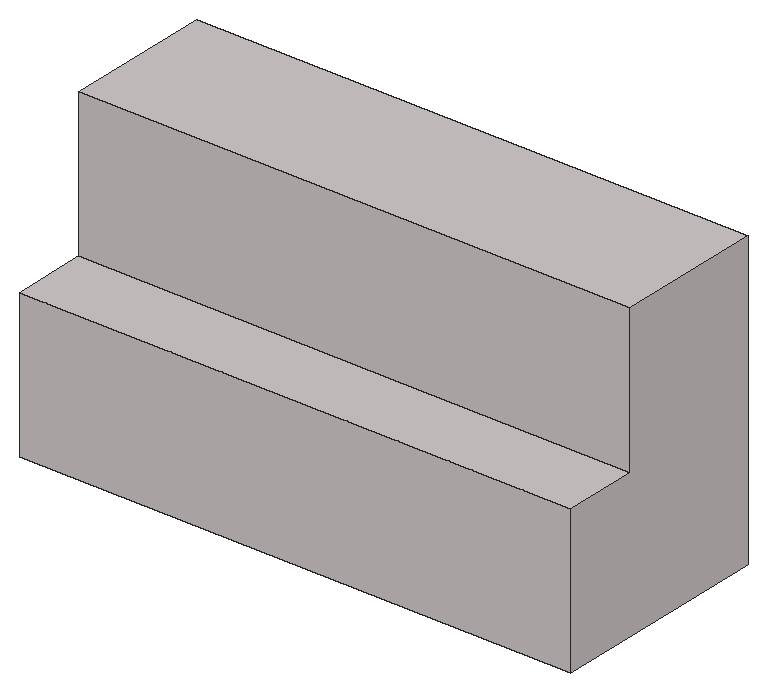
Revit family "STC_A3-Beam-Precast-L-Shaped-(M)", category Structural Framing, Revit 2016
Family settings
  Display in Hidden Views = Edges Hidden by Other Members
  Section Shape = Not Defined
  Material for Model Behavior = Precast Concrete
  Always export as geometry = No
  Always vertical = Yes
  Cut with Voids When Loaded = No
  Symbolic Representation = From Family
  Shared = No
  Show family pre-cut in plan views = Yes
Parameters (values of type "450 LB 600 Beams")
  Structural Material [instance] = Concrete - Precast Concrete - 35 MPa
  Start Extension Calculation [instance] = 3012.5 mm + Start Extension  # 3000 mm
  Start Extension [instance] = -12.5 mm
  Seat = 150 mm
  End Extension Calculation [instance] = 3012.5 mm + End Extension  # 3000 mm
  End Extension [instance] = -12.5 mm
  Assembly Code = ""
  Length [instance] = 1524 mm
  b = 450 mm
  h = 600 mm
  h1 = 300 mm
  Angle [instance] = 0.00°
Types (4, lengths in mm): name | h | h1
  (no name) | 600 | 300
  450 LB 500 Beams | 500 | 300
  450 LB 600 Beams | 600 | 300
  450 LB 1200 Baems | 1200 | 800
Reference planes
  plane 1 "Center (Front/Back)": y = 0
  plane 2: z = 0
  plane 3 "Center (Left/Right)": x = 4.61
  plane 4 "Member Left": x = -557.39
  plane 5 "Member Right": x = 566.61
  plane 6: y = 225
  plane 7: y = -225
  plane 8: z = 300
  plane 9 "Bottom": z = -300
  plane 10 "Left": x = -757.39
  plane 11 "Right": x = 766.61
  plane 12: x = -557.39
  plane 13: x = 566.61
  plane 14: x = 2442.61
  plane 15: x = -2433.39
Forms (mm)
  Sweep 1, solid, material "Concrete - Precast Concrete - 35 MPa" <- "Structural Material"
    path origin (0, 0, 0) x (1, 0, 0) y (0, 1, 0)
      loop
        line (566.61, 0) -> (-557.39, 0)
    profile "M_L Shape-Profile : M_L Shape-Profile" origin (4.61, 0, 0) x (0, -1, 0) y (0, 0, 1)
      loop
        line (225, -300) -> (225, 0) -> (75, 0) -> (75, 300) -> (-225, 300) -> (-225, -300) -> (225, -300)
Dimensions and locks
  "b": plane 6 to plane 7
  equal spacing: plane 9 "Bottom", plane 2, plane 8
  equal spacing: plane 6, plane 1 "Center (Front/Back)", plane 7
  "h": plane 9 "Bottom" to plane 8
  "Length": plane 10 "Left" to plane 11 "Right"
  locked: plane 15 to plane 5 "Member Right" at 3000
  locked: plane 4 "Member Left" to plane 14 at 3000
  "End Extension Calculation": plane 15 to plane 13
  "Start Extension Calculation": plane 12 to plane 14
  aligned and locked: Sweep 1 sketch curve to plane 1 "Center (Front/Back)"
  aligned and locked: plane 12 to Sweep 1 sketch curve
  aligned and locked: plane 13 to Sweep 1 sketch curve
